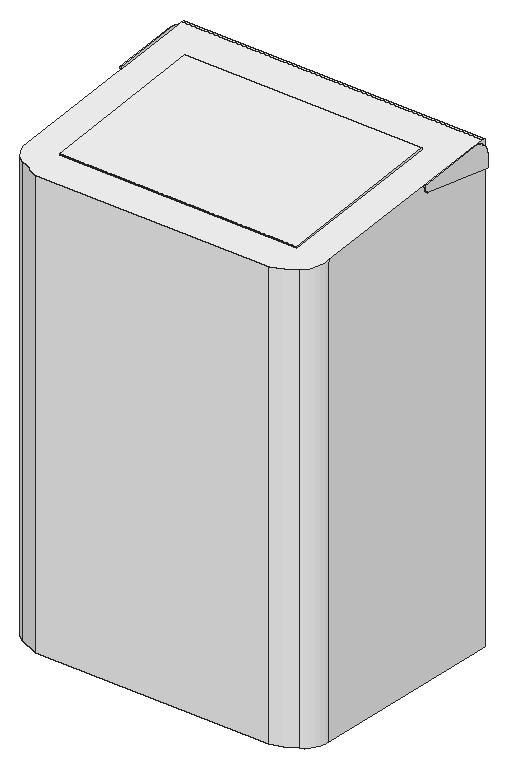
Revit family "NBS_DudleyIndustries_LittrBins_PlatinumRange_WasteBin14Litre", category Generic Models, Revit 2016
Family settings
  Part Type = Normal
  Can host rebar = No
  Round Connector Dimension = Use Diameter
  OmniClass Number = 23.40.20.31.11
  OmniClass Title = Bins
  Work Plane-Based = No
  Always vertical = Yes
  Cut with Voids When Loaded = No
  Shared = No
  Room Calculation Point = No
Parameters (values of type "PlatinumRangeWasteBin14Litre ")
  WarrantyStartDate [instance] = "1900-12-31T23:59:59"
  WarrantyGuarantorParts = "sales@dudleyindustries.com"
  WarrantyGuarantorLabor = "n/a"
  WarrantyDurationUnit = "year"
  WarrantyDurationParts = "1"
  WarrantyDurationLabor = "n/a"
  WarrantyDescription = "1 year warranty"
  Version = "2"  # constant formula
  Uniclass2015Version = "Products v1.7"
  Uniclass2015Title = "Litter bins"
  Uniclass2015Code = "Pr_40_50_07_47"
  TagNumber [instance] = "n/a"
  SustainabilityPerformance = "n/a"
  Style = "Sleek and contemporary design"
  Size = "275 x 410 x 215 mm"
  Shape = "n/a"
  SerialNumber [instance] = "n/a"
  Revision = "n/a"
  ReplacementCost = "n/a"
  ProductInformation = "www.dudleyindustries.com/wp-content/uploads/2017/08/Platinum_14_Litre_Waste_Bin.pdf"
  NominalWidth = 215 mm  # constant formula
  NominalLength = 275 mm  # constant formula
  NominalHeight = 410 mm  # constant formula
  NominalDepth = 215 mm
  Name = "LitterBins_PlatinumRange_WasteBin14Litre_DudleyIndustries"
  NBSTypeID = "n/a"
  NBSReference = "45-35-86/335"
  NBSOfficeMasterTag = "n/a"
  NBSNote = "n/a"
  NBSDescription = "Litter bins"
  NBSCertification = "www.nationalbimlibrary.com/cert/ezdzedeu"
  ModelReference = "Platinum range: Waste Bin 14 Litre"
  ModelNumber = "77004"
  Material = "Stainless Steel"
  ManufacturerURL = "www.dudleyindustries.com/"
  ManufacturerName = "Dudley Industries"  # constant formula
  Manufacturer = "sales@dudleyindustries.com"
  MainColor = "Stainless Steel"
  InstallationDate [instance] = "1900-12-31T23:59:59"
  IfcExportType = "NOTDEFINED"  # constant formula
  IfcExportAs = "IfcBuildingElementProxyType"  # constant formula
  Grade = "n/a"
  FinishAsDelivered = "Brushed/Lacquered (77004CB)"
  Finish = "Brushed/Lacquered (77004CB)"
  FilmThicknessMinimum = "n/a"
  Features = "Sleek and contemporary design, simple to wipe clean and finger print resistant, solid durable construction, free standing or wall mounted for extra security"
  ExpectedLife = "5"
  EnvironmentalProductDeclaration = "n/a"
  DurationUnit = "year"
  Description = "Free standing or wall mounted 14 litre waste bin,  with internal plastic liner"
  Constituents = "n/a"
  ColourOptions = "Stainless steel"
  Color = "Stainless Steel"
  CodePerformance = "n/a"
  Category = "Pr_40_50_07_47:Litter bins"
  BinMaterial = NBS_Concept
  Base = "n/a"
  BarCode [instance] = "n/a"
  BIMObjectName = "NBS_DudleyIndustries_LitterBins_PlatinumRange_WasteBin14Litre"
  Author = "NBS"  # constant formula
  AssetType = "Movable"
  AssetIdentifier [instance] = "n/a"
  Accessories = "n/a"
  AccessibilityPerformance = "n/a"
Reference planes
  plane 1 "Center (Front/Back)": y = 0
  plane 2: z = 0
  plane 3 "Center (Left/Right)": x = 0
  plane 4: y = 107.5
  plane 5: y = -107.5
  plane 6: x = 137.5
  plane 7: x = -137.5
  plane 8: z = 410
  plane 9: y = 103.2
  plane 10: y = 103.2
  plane 11: through (4267.2, 90.781, 408.725) normal (0, 0.1219, -0.9925)
  plane 12: through (4267.2, 26.734, 402.07) normal (0, 0.1219, -0.9925)
  plane 13: x = -107.35
  plane 14: x = 106.3
  plane 15: y = 68.518
Forms (mm)
  Extrusion 1, solid, material "NBS_Concept" <- "BinMaterial", detail levels coarse
    sketch origin (-112.5, 0, 0) x (0, 1, 0) y (0, 0, 1)
      loop
        line (107.5, 0) -> (107.5, 410) -> (91.315, 410) -> (-106.689, 385.688) -> (-89.742, 0) -> (107.5, 0)
    from -25 to 250
  Extrusion 2, solid, material "NBS_Concept" <- "BinMaterial", detail levels medium+fine
    sketch origin (0, 0, 0) x (1, 0, 0) y (0, 1, 0)
      loop
        line (-136.166, 103.2) -> (-136.166, -76.827)
        arc (-136.166, -76.827) -> (-131.852, -86.206) -> (-124.025, -92.939) r 24.233
        arc (-124.025, -92.939) -> (-115.088, -97.434) -> (-105.899, -101.391) r 168.498
        arc (-105.899, -101.391) -> (-0.899, -106.704) -> (104.101, -101.391) r 1040.221
        arc (104.101, -101.391) -> (114.673, -97.473) -> (124.659, -92.238) r 88.169
        arc (124.659, -92.238) -> (132.719, -83.694) -> (135.295, -72.235) r 22.208
        line (135.295, -72.235) -> (135.295, 103.2) -> (-136.166, 103.2)
    from 0 to 410
  Extrusion 3, void
    sketch origin (-137.5, 0, 0) x (0, 1, 0) y (0, 0, 1)
      loop
        line (-107.5, 410) -> (-107.5, 384.38) -> (101.162, 410) -> (-107.5, 410)
    from 0 to 275
  Extrusion 4, solid, material "NBS_Concept" <- "BinMaterial", detail levels medium+fine
    sketch origin (0, 0, 0) x (1, 0, 0) y (0, 1, 0)
      loop
        line (96.975, 107.5) -> (81.975, 107.5) -> (77.675, 103.2) -> (101.275, 103.2) -> (96.975, 107.5)
      loop
        line (-102.325, 103.2) -> (-78.725, 103.2) -> (-83.025, 107.5) -> (-98.025, 107.5) -> (-102.325, 103.2)
    from 336.246 to 359.924
  Extrusion 5, solid, material "NBS_Concept" <- "BinMaterial", detail levels medium+fine
    sketch origin (0, 0, 0) x (0, 1, 0) y (0, 0, 1)
      loop
        line (68.691, 406.013) -> (68.545, 407.204) -> (-72.712, 389.86) -> (-72.565, 388.669) -> (68.691, 406.013)
    from -107.35 to 106.3
  Extrusion 6, solid, material "NBS_Concept" <- "BinMaterial"
    sketch origin (-137.5, 0, 0) x (0, 1, 0) y (0, 0, 1)
      loop
        line (33.495, 402.901) -> (33.861, 399.923)
        arc (33.861, 399.923) -> (34.849, 397.538) -> (37.233, 396.551) r 3.373
        line (37.233, 396.551) -> (103.2, 387.28) -> (103.2, 398.932)
        arc (103.2, 398.932) -> (99.402, 407.294) -> (90.625, 410) r 11.195
        line (90.625, 410) -> (33.495, 402.901)
    from 0 to 1.148
  Extrusion 7, solid, material "NBS_Concept" <- "BinMaterial", detail levels fine
    sketch origin (136.352, 0, 0) x (0, 1, 0) y (0, 0, 1)
      loop
        line (33.495, 402.901) -> (33.861, 399.923)
        arc (33.861, 399.923) -> (34.849, 397.538) -> (37.233, 396.551) r 3.373
        line (37.233, 396.551) -> (103.2, 387.28) -> (103.2, 398.932)
        arc (103.2, 398.932) -> (99.402, 407.294) -> (90.625, 410) r 11.195
        line (90.625, 410) -> (33.495, 402.901)
    from 0 to 1.148
Cuts and joins
  Extrusion 3 cuts Extrusion 1
  Extrusion 3 cuts Extrusion 2
Dimensions and locks
  equal spacing: plane 5, plane 1 "Center (Front/Back)", plane 4
  "NominalWidth": plane 5 to plane 4
  equal spacing: plane 7, plane 3 "Center (Left/Right)", plane 6
  "NominalLength": plane 7 to plane 6
  "NominalHeight": plane 8 to plane 2
  locked: plane 4 to plane 9 at 4.3
  aligned and locked: level to plane 2
  aligned and locked: plane 6 to Extrusion 1
  aligned and locked: Extrusion 1 to level
  aligned and locked: plane 8 to Extrusion 2
  aligned and locked: Extrusion 2 to level
  aligned and locked: Extrusion 1 to plane 7
  aligned and locked: Extrusion 1 to plane 4
  aligned and locked: Extrusion 3 to plane 7
  aligned and locked: Extrusion 4 sketch curve to plane 4
  aligned and locked: Extrusion 4 sketch curve to plane 10
  aligned and locked: Extrusion 5 sketch curve to plane 11
  aligned and locked: Extrusion 5 sketch curve to plane 12
  aligned and locked: Extrusion 6 to plane 7
Automatic sketch dimensions
  Extrusion 1 sketch curve to level = 0 mm
  Extrusion 1 sketch curve to plane 8 = 0 mm
  Extrusion 1 sketch curve to plane 4 = 0 mm
  plane 4 to Extrusion 1 sketch curve = 16.185 mm
  Extrusion 1 sketch curve to plane 5 = 17.758 mm
  Extrusion 1 sketch curve to plane 5 = 0.811 mm
  Extrusion 1 sketch curve to plane 8 = 24.312 mm
  Extrusion 2 sketch curve to plane 9 = 0 mm
  plane 7 to Extrusion 2 sketch curve = 1.334 mm
  plane 13 to Extrusion 2 sketch curve = 5.148 mm
  plane 15 to Extrusion 2 sketch curve = 13.241 mm
  Extrusion 2 sketch curve to plane 3 "Center (Left/Right)" = 43.877 mm
  Extrusion 2 sketch curve to plane 3 "Center (Left/Right)" = 0.899 mm
  plane 14 to Extrusion 2 sketch curve = 27.488 mm
  Extrusion 2 sketch curve to plane 14 = 6.811 mm
  Extrusion 2 sketch curve to plane 6 = 2.205 mm
  plane 1 "Center (Front/Back)" to Extrusion 2 sketch curve = 16.926 mm
  Extrusion 2 sketch curve to plane 5 = 35.878 mm
  Extrusion 2 sketch curve to plane 5 = 35.265 mm
  Extrusion 2 sketch curve to Extrusion 2 sketch curve = 1.034 mm
  Extrusion 2 sketch curve to Extrusion 2 sketch curve = 5.205 mm
  Extrusion 2 sketch curve to plane 4 = 826.017 mm
  Extrusion 2 sketch curve to Extrusion 2 sketch curve = 0 mm
  Extrusion 2 sketch curve to plane 13 = 1.451 mm
  plane 14 to Extrusion 2 sketch curve = 2.199 mm
  Extrusion 3 sketch curve to plane 5 = 0 mm
  Extrusion 3 sketch curve to plane 8 = 0 mm
  plane 4 to Extrusion 3 sketch curve = 6.338 mm
  Extrusion 3 sketch curve to plane 8 = 25.62 mm
  plane 10 to Extrusion 4 sketch curve = 0 mm
  plane 4 to Extrusion 4 sketch curve = 0 mm
  Extrusion 4 sketch curve to plane 13 = 5.025 mm
  Extrusion 4 sketch curve to Extrusion 4 sketch curve = 4.3 mm  (x3)
  Extrusion 4 sketch curve to Extrusion 4 sketch curve = 15 mm
  plane 14 to Extrusion 4 sketch curve = 28.625 mm
  plane 14 to Extrusion 4 sketch curve = 9.325 mm
  plane 14 to Extrusion 4 sketch curve = 5.025 mm
  Extrusion 5 sketch curve to plane 8 = 20.14 mm
  Extrusion 5 sketch curve to plane 15 = 0.027 mm
  Extrusion 6 sketch curve to plane 8 = 0 mm
  Extrusion 6 sketch curve to plane 8 = 7.099 mm
  Extrusion 6 sketch curve to plane 1 "Center (Front/Back)" = 33.495 mm
  Extrusion 6 sketch curve to plane 8 = 10.077 mm
  Extrusion 6 sketch curve to Extrusion 6 sketch curve = 0.366 mm
  Extrusion 6 sketch curve to Extrusion 6 sketch curve = 3.373 mm
  plane 4 to Extrusion 6 sketch curve = 16.875 mm
  Extrusion 6 sketch curve to Extrusion 6 sketch curve = 1.381 mm
  plane 4 to Extrusion 6 sketch curve = 4.3 mm
  Extrusion 6 sketch curve to plane 8 = 22.72 mm
  Extrusion 6 sketch curve to Extrusion 6 sketch curve = 11.109 mm
  Extrusion 7 sketch curve to plane 8 = 0 mm
  Extrusion 7 sketch curve to plane 8 = 7.099 mm
  Extrusion 7 sketch curve to plane 1 "Center (Front/Back)" = 33.495 mm
  Extrusion 7 sketch curve to plane 8 = 10.077 mm
  Extrusion 7 sketch curve to Extrusion 7 sketch curve = 0.366 mm
  Extrusion 7 sketch curve to Extrusion 7 sketch curve = 3.373 mm
  plane 4 to Extrusion 7 sketch curve = 16.875 mm
  Extrusion 7 sketch curve to Extrusion 7 sketch curve = 1.381 mm
  plane 4 to Extrusion 7 sketch curve = 4.3 mm
  Extrusion 7 sketch curve to plane 8 = 22.72 mm
  Extrusion 7 sketch curve to Extrusion 7 sketch curve = 11.109 mm
